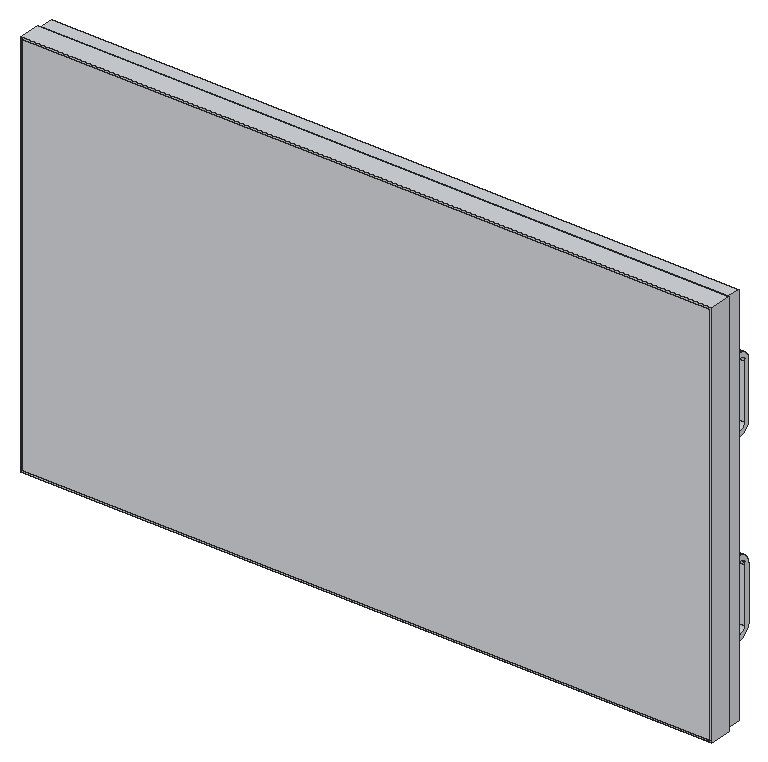
Revit family "UN552V", category Generic Models, Revit 2014
Parameters
  URL = "www.necdisplay.com"
  POWER CONSUMPTION- Speaker Rating = "Integrated 10W x 10W, Optional 15W x 2"
  POWER CONSUMPTION- Power Consumption (Typical/Max Brightness/ Absolute Max) = "110W/165W/315W"
  POWER CONSUMPTION- Standby = "0.5W"
  POWER CONSUMPTION- Network Standby = "2W"
  POWER CONSUMPTION- Current Rating = "3.6A @ 100V, 1.4A @ 240V"
  PHYSICAL SPECS- Vesa Hole Configuration = "400 x 400 (4-hole, M6)"
  PHYSICAL SPECS- Net Weight (w/o Stand) = "61.9 lbs. / 28.1 kg"
  PHYSICAL SPECS- Net Dimensions (w/o Stand, WxHxD) = "47.8 x 26.9 x 4.1 in. / 1213.4 x 684.2 x 103.8mm"
  PHYSICAL SPECS- Bezel Width (L/R, T/B) = "2.3mm/1.2mm, 1.2mm/2.3mm"
  Model = "UN552V"  # constant formula
  Manufacturer = "NEC Display Solutions"  # constant formula
  LCD MODULE- Contrast Ratio (Typical) = "1100:1 (without local dimming)"
  LCD MODULE- Viewing Angle = "178 / 178"
  LCD MODULE- Viewable Image Size = "55\""
  LCD MODULE- Panel Technology = "S-IPS"
  LCD MODULE- Orientation = "Landscape / Portrait"
  LCD MODULE- Panel Haze (%) = "28"
  LCD MODULE- Native Resolution = "1920 x 1080"
  LCD MODULE- Displayable Colors = "Over 1.07 Billion"
  LCD MODULE- Brightness (Typical/Minimum) = "350 cd/sqm / 500 cd/sqm"
  LCD MODULE- Aspect Ratio = "16 : 9"
  ENVIRONMENTAL CONDITIONS- Operating Temperature = "0 - 50°C / 32 - 122°F"
  ENVIRONMENTAL CONDITIONS- Operating Humidity = "0 - 90%"
  ENVIRONMENTAL CONDITIONS- Operating Altitude = "9843 ft. / 3000m"
  Description = "NEC LCD Video Wall Display"  # constant formula
  CONNECTIVITY- Output Terminals- External Control = "LAN (100Mb)"
  CONNECTIVITY- Output Terminals- Digital = "DisplayPort (Outputs DisplayPort1 and OPTION (DP)), HDMI (Outputs HDMI1, DVI and OPTION (TMDS))"
  CONNECTIVITY- Output Terminals- Audio = "3.5mm Mini-Jack, External Speaker Jack x2"
  CONNECTIVITY- Input Terminals- External Control = "RS232C, LAN (100Mb), 3.5 Mini Jack (IR Remote)"
  CONNECTIVITY- Input Terminals- Digital = "HDMI x2 (1.4/2.0), DisplayPort x2 (1.1/1.2), DVI-D"
  CONNECTIVITY- Input Terminals- Data = "microSD (Media Player), USB 2.0 (Media Player), USB 2.0 (Service), USB Type-B (Upstream), USB 2.0 x2 (Compute Module, USB CM1 is Powered 5V/2A)"
  CONNECTIVITY- Input Terminals- Audio = "Audio Mini Jack x2, DisplayPort Audio, HDMI Audio"
  CONNECTIVITY- Input Terminals- Analog = "VGA 15-pin D-sub, RCA Composite"
Reference planes
  plane 1 "Center (Front/Back)": y = 0
  plane 2: z = 0
  plane 3 "Center (Left/Right)": x = 0
Forms (mm)
  Extrusion 1, solid
    sketch origin (0, 0, 0) x (1, 0, 0) y (0, 0, 1)
      loop
        line (-606.7, 684.2) -> (-606.7, 0) -> (606.7, 0) -> (606.7, 684.2) -> (-606.7, 684.2)
    from 44.35 to 82.8
  Extrusion 2, void
    sketch origin (0, 0, 0) x (1, 0, 0) y (0, 0, 1)
      loop
        line (-603.854, 2.15) -> (603.854, 2.15) -> (603.854, 681.025) -> (-603.854, 681.025) -> (-603.854, 2.15)
    from 82.211 to 113.336
  Blend 3, solid
    base sketch origin (4.79, 1.84, 738.456) x (0, 0, 1) y (1, 0, 0)
      loop
        arc (-86.019, 370.534) -> (-99.662, 403.471) -> (-132.599, 417.114) r 46.58
        line (-132.599, 417.114) -> (-646.931, 417.114)
        arc (-646.931, 417.114) -> (-664.892, 409.675) -> (-672.331, 391.714) r 25.4
        line (-672.331, 391.714) -> (-672.331, -385.683) -> (-665.469, -389.645)
        arc (-665.469, -389.645) -> (-663.355, -391.759) -> (-662.581, -394.647) r 5.776
        line (-662.581, -394.647) -> (-662.581, -437.345)
        arc (-662.581, -437.345) -> (-658.122, -457.458) -> (-645.581, -473.803) r 47.592
        line (-645.581, -473.803) -> (-621.213, -494.25)
        arc (-621.213, -494.25) -> (-608.369, -501.983) -> (-593.771, -505.394) r 48.185
        line (-593.771, -505.394) -> (-198.004, -505.394)
        arc (-198.004, -505.394) -> (-178.489, -501.953) -> (-161.328, -492.045) r 57.057
        line (-161.328, -492.045) -> (-104.475, -444.339)
        arc (-104.475, -444.339) -> (-90.86, -426.596) -> (-86.019, -404.761) r 51.666
        line (-86.019, -404.761) -> (-86.019, 370.534)
    top sketch origin (4.79, 1.84, 738.456) x (0, 0, 1) y (1, 0, 0)
      loop
        arc (-601.729, 382.3) -> (-610.709, 378.58) -> (-614.429, 369.6) r 12.7
        line (-614.429, 369.6) -> (-614.429, -407.787)
        arc (-614.429, -407.787) -> (-613.291, -411.497) -> (-610.269, -413.931) r 6.618
        line (-610.269, -413.931) -> (-587.937, -422.866)
        arc (-587.937, -422.866) -> (-579.575, -425.319) -> (-570.9, -426.147) r 45.867
        line (-570.9, -426.147) -> (-241.902, -426.147)
        arc (-241.902, -426.147) -> (-228.955, -423.994) -> (-217.403, -417.767) r 40
        line (-217.403, -417.767) -> (-177.037, -386.491)
        arc (-177.037, -386.491) -> (-165.96, -372.897) -> (-161.998, -355.815) r 38.806
        line (-161.998, -355.815) -> (-161.998, 375.421)
        arc (-161.998, 375.421) -> (-164.013, 380.285) -> (-168.878, 382.3) r 6.879
        line (-168.878, 382.3) -> (-601.729, 382.3)
    from -20.342 to 19.2
  Blend 4, solid
    base sketch origin (0, -30.85, 616.982) x (0, 0, 1) y (1, 0, 0)
      loop
        line (-506.303, 247.422) -> (-506.303, 481.178)
        arc (-506.303, 481.178) -> (-510.023, 490.159) -> (-519.003, 493.878) r 12.7
        line (-519.003, 493.878) -> (-566.56, 493.878)
        arc (-566.56, 493.878) -> (-575.54, 490.159) -> (-579.26, 481.178) r 12.7
        line (-579.26, 481.178) -> (-579.26, 247.422)
        arc (-579.26, 247.422) -> (-575.54, 238.441) -> (-566.56, 234.722) r 12.7
        line (-566.56, 234.722) -> (-519.003, 234.722)
        arc (-519.003, 234.722) -> (-510.023, 238.441) -> (-506.303, 247.422) r 12.7
    top sketch origin (0, -30.85, 616.982) x (0, 0, 1) y (1, 0, 0)
      loop
        arc (-515.696, 480.9) -> (-516.749, 483.439) -> (-519.291, 484.486) r 3.586
        line (-519.291, 484.486) -> (-566.291, 484.486)
        arc (-566.291, 484.486) -> (-568.82, 483.432) -> (-569.868, 480.9) r 3.586
        line (-569.868, 480.9) -> (-569.868, 247.7)
        arc (-569.868, 247.7) -> (-568.82, 245.167) -> (-566.289, 244.114) r 3.586
        line (-566.289, 244.114) -> (-519.289, 244.114)
        arc (-519.289, 244.114) -> (-516.749, 245.162) -> (-515.696, 247.7) r 3.586
        line (-515.696, 247.7) -> (-515.696, 480.9)
    from -21.65 to -17.538
  Extrusion 5, void
    sketch origin (0, -48.388, 616.982) x (0, 0, -1) y (1, 0, 0)
      loop
        line (581.882, 68.55) -> (567.482, 68.55)
        arc (567.482, 68.55) -> (564.653, 67.378) -> (563.482, 64.55) r 4
        line (563.482, 64.55) -> (563.482, -21.45)
        arc (563.482, -21.45) -> (564.653, -24.278) -> (567.482, -25.45) r 4
        line (567.482, -25.45) -> (581.882, -25.45)
        arc (581.882, -25.45) -> (584.71, -24.278) -> (585.882, -21.45) r 4
        line (585.882, -21.45) -> (585.882, 64.55)
        arc (585.882, 64.55) -> (584.71, 67.378) -> (581.882, 68.55) r 4
    from 8.405 to -9.36
  Extrusion 6, void
    sketch origin (4.79, 21.04, 738.456) x (0, 0, -1) y (1, 0, 0)
      loop
        line (324.906, 109.514) -> (268.907, 109.514) -> (268.907, 92.256)
        arc (268.907, 92.256) -> (270.277, 85.88) -> (274.145, 80.629) r 15.525
        line (274.145, 80.629) -> (310.489, 48.476) -> (268.907, 48.474) -> (268.907, 37.835) -> (324.906, 37.837) -> (324.906, 55.836)
        arc (324.906, 55.836) -> (323.427, 62.721) -> (319.251, 68.391) r 16.764
        line (319.251, 68.391) -> (284.797, 98.876) -> (324.906, 98.876) -> (324.906, 109.514)
      loop
        line (268.902, 28.54) -> (268.908, -37.653) -> (276.862, -37.653) -> (276.862, 5.244) -> (291.196, 5.244) -> (291.196, -33.734) -> (299.062, -33.734) -> (299.062, 5.244) -> (310.269, 5.244)
        arc (310.269, 5.244) -> (314.759, 3.384) -> (316.619, -1.106) r 6.35
        line (316.619, -1.106) -> (316.619, -38.213) -> (324.905, -38.213)
        arc (324.905, -38.213) -> (325.377, -16.539) -> (324.905, 5.134) r 498.189
        arc (324.905, 5.134) -> (324.337, 12.014) -> (323.235, 18.829) r 88.693
        arc (323.235, 18.829) -> (319.034, 25.803) -> (311.366, 28.54) r 12.108
        line (311.366, 28.54) -> (268.902, 28.54)
      loop
        line (268.271, -113.479) -> (276.372, -113.479)
        arc (276.372, -113.479) -> (274.174, -95.699) -> (276.372, -77.919) r 73.028
        arc (276.372, -77.919) -> (278.849, -73.068) -> (283.196, -69.786) r 12.149
        arc (283.196, -69.786) -> (297.392, -67.247) -> (311.127, -71.644) r 29.914
        arc (311.127, -71.644) -> (314.368, -74.801) -> (316.226, -78.926) r 12.13
        arc (316.226, -78.926) -> (318.331, -96.706) -> (316.226, -114.486) r 76.142
        line (316.226, -114.486) -> (325.261, -114.486)
        arc (325.261, -114.486) -> (327.107, -92.261) -> (325.261, -70.036) r 134.752
        arc (325.261, -70.036) -> (323.47, -62.762) -> (320.601, -55.841) r 49.502
        arc (320.601, -55.841) -> (298.943, -41.303) -> (275.241, -52.197) r 26.67
        arc (275.241, -52.197) -> (270.757, -60.2) -> (268.271, -69.029) r 38.898
        arc (268.271, -69.029) -> (266.531, -91.254) -> (268.271, -113.479) r 142.843
      loop
        line (477.484, 43.682) -> (477.484, -86.161)
        arc (477.484, -86.161) -> (480.999, -94.647) -> (489.484, -98.161) r 12
        line (489.484, -98.161) -> (544.327, -98.161)
        arc (544.327, -98.161) -> (552.813, -94.647) -> (556.327, -86.161) r 12
        line (556.327, -86.161) -> (556.327, 43.682)
        arc (556.327, 43.682) -> (552.813, 52.167) -> (544.327, 55.682) r 12
        line (544.327, 55.682) -> (489.484, 55.682)
        arc (489.484, 55.682) -> (480.999, 52.167) -> (477.484, 43.682) r 12
      loop
        arc (306.292, 181.946) -> (309.806, 173.461) -> (318.292, 169.946) r 12
        line (318.292, 169.946) -> (451.42, 169.946)
        arc (451.42, 169.946) -> (459.905, 173.461) -> (463.42, 181.946) r 12
        line (463.42, 181.946) -> (463.42, 318.574)
        arc (463.42, 318.574) -> (459.905, 327.06) -> (451.42, 330.574) r 12
        line (451.42, 330.574) -> (318.292, 330.574)
        arc (318.292, 330.574) -> (309.806, 327.06) -> (306.292, 318.574) r 12
        line (306.292, 318.574) -> (306.292, 181.946)
      loop
        arc (308.23, 181.884) -> (311.159, 174.813) -> (318.23, 171.884) r 10
        line (318.23, 171.884) -> (451.482, 171.884)
        arc (451.482, 171.884) -> (458.553, 174.813) -> (461.482, 181.884) r 10
        line (461.482, 181.884) -> (461.482, 318.636)
        arc (461.482, 318.636) -> (458.553, 325.707) -> (451.482, 328.636) r 10
        line (451.482, 328.636) -> (318.23, 328.636)
        arc (318.23, 328.636) -> (311.159, 325.707) -> (308.23, 318.636) r 10
        line (308.23, 318.636) -> (308.23, 181.884)
      loop
        arc (479.674, -85.972) -> (482.603, -93.043) -> (489.674, -95.972) r 10
        line (489.674, -95.972) -> (544.138, -95.972)
        arc (544.138, -95.972) -> (551.209, -93.043) -> (554.138, -85.972) r 10
        line (554.138, -85.972) -> (554.138, 43.492)
        arc (554.138, 43.492) -> (551.209, 50.563) -> (544.138, 53.492) r 10
        line (544.138, 53.492) -> (489.674, 53.492)
        arc (489.674, 53.492) -> (482.603, 50.563) -> (479.674, 43.492) r 10
        line (479.674, 43.492) -> (479.674, -85.972)
    from 0.816 to -6.572
  Extrusion 7, solid
    sketch origin (-481.512, 3.148, 9.146) x (0, 0, 1) y (1, 0, 0)
      loop
        spline (577.383, 1064.639) -> (577.254, 1065.064) -> (577.079, 1065.472) -> (576.86, 1065.858) -> (576.6, 1066.217) -> (576.301, 1066.546) -> (575.968, 1066.839) -> (575.605, 1067.093) -> (575.215, 1067.306) -> (574.804, 1067.474) -> (574.377, 1067.596) -> (573.94, 1067.67) -> (573.496, 1067.694)
        line (573.496, 1067.694) -> (411.495, 1067.694)
        spline (411.495, 1067.694) -> (410.973, 1067.66) -> (410.46, 1067.558) -> (409.964, 1067.39) -> (409.495, 1067.158) -> (409.06, 1066.868) -> (408.667, 1066.523) -> (408.322, 1066.129) -> (408.031, 1065.694) -> (407.8, 1065.225) -> (407.632, 1064.729) -> (407.53, 1064.216) -> (407.496, 1063.694)
        line (407.496, 1063.694) -> (407.609, 1048.749)
        spline (407.609, 1048.749) -> (407.722, 1048.368) -> (407.872, 1048) -> (408.058, 1047.649) -> (408.278, 1047.318) -> (408.529, 1047.01) -> (408.811, 1046.729) -> (409.118, 1046.477) -> (409.449, 1046.257) -> (409.8, 1046.071) -> (410.169, 1045.921) -> (410.55, 1045.807) -> (410.94, 1045.733)
        line (410.94, 1045.733) -> (572.941, 1045.733)
        spline (572.941, 1045.733) -> (573.51, 1045.694) -> (574.078, 1045.737) -> (574.634, 1045.859) -> (575.167, 1046.06) -> (575.666, 1046.334) -> (576.121, 1046.676) -> (576.523, 1047.08) -> (576.864, 1047.536) -> (577.136, 1048.036) -> (577.335, 1048.57) -> (577.455, 1049.127) -> (577.496, 1049.695)
        line (577.496, 1049.695) -> (577.383, 1064.639)
    from -21.65 to 25.186
  Extrusion 8, void
    sketch origin (586.183, 3.148, 564.772) x (0, 0, -1) y (0, -1, 0)
      loop
        line (110.721, -20.262) -> (15.247, -20.262)
        arc (15.247, -20.262) -> (4.627, -16.759) -> (-1.826, -7.626) r 17.851
        line (-1.826, -7.626) -> (-9.856, 18.638) -> (-21.573, 18.638) -> (-25.197, 18.638) -> (-25.197, -28.535) -> (148.943, -28.535) -> (148.943, 18.638) -> (136.711, 18.638) -> (128.938, -6.782)
        arc (128.938, -6.782) -> (122.052, -16.526) -> (110.721, -20.262) r 19.05
      loop
        line (15.282, -12.262) -> (111.562, -12.262)
        arc (111.562, -12.262) -> (118.431, -9.504) -> (121.485, -2.763) r 9.932
        line (121.485, -2.763) -> (122.551, 21.65) -> (4.303, 21.65) -> (5.369, -2.77)
        arc (5.369, -2.77) -> (8.42, -9.506) -> (15.282, -12.262) r 9.922
    from 0 to 24.226
  Extrusion 9, solid
    sketch origin (-481.512, 3.148, 673.954) x (0, 0, -1) y (-1, 0, 0)
      loop
        line (577.383, -1064.639) -> (577.496, -1049.695)
        spline (577.496, -1049.695) -> (577.455, -1049.127) -> (577.335, -1048.57) -> (577.136, -1048.036) -> (576.864, -1047.536) -> (576.523, -1047.08) -> (576.121, -1046.676) -> (575.666, -1046.334) -> (575.167, -1046.06) -> (574.634, -1045.859) -> (574.078, -1045.737) -> (573.51, -1045.694) -> (572.941, -1045.733)
        line (572.941, -1045.733) -> (410.94, -1045.733)
        spline (410.94, -1045.733) -> (410.55, -1045.807) -> (410.169, -1045.921) -> (409.8, -1046.071) -> (409.449, -1046.257) -> (409.118, -1046.477) -> (408.811, -1046.729) -> (408.529, -1047.01) -> (408.278, -1047.318) -> (408.058, -1047.649) -> (407.872, -1048) -> (407.722, -1048.368) -> (407.609, -1048.749)
        line (407.609, -1048.749) -> (407.496, -1063.694)
        spline (407.496, -1063.694) -> (407.53, -1064.216) -> (407.632, -1064.729) -> (407.8, -1065.225) -> (408.031, -1065.694) -> (408.322, -1066.129) -> (408.667, -1066.523) -> (409.06, -1066.868) -> (409.495, -1067.158) -> (409.964, -1067.39) -> (410.46, -1067.558) -> (410.973, -1067.66) -> (411.495, -1067.694)
        line (411.495, -1067.694) -> (573.496, -1067.694)
        spline (573.496, -1067.694) -> (573.94, -1067.67) -> (574.377, -1067.596) -> (574.804, -1067.474) -> (575.215, -1067.306) -> (575.605, -1067.093) -> (575.968, -1066.839) -> (576.301, -1066.546) -> (576.6, -1066.217) -> (576.86, -1065.858) -> (577.079, -1065.472) -> (577.254, -1065.064) -> (577.383, -1064.639)
    from -21.65 to 25.186
  Extrusion 10, void
    sketch origin (586.183, 3.148, 118.328) x (0, 0, 1) y (0, 1, 0)
      loop
        arc (110.721, 20.262) -> (122.052, 16.526) -> (128.938, 6.782) r 19.05
        line (128.938, 6.782) -> (136.711, -18.638) -> (148.943, -18.638) -> (148.943, 28.535) -> (-25.197, 28.535) -> (-25.197, -18.638) -> (-21.573, -18.638) -> (-9.856, -18.638) -> (-1.826, 7.626)
        arc (-1.826, 7.626) -> (4.627, 16.759) -> (15.247, 20.262) r 17.851
        line (15.247, 20.262) -> (110.721, 20.262)
      loop
        arc (15.282, 12.262) -> (8.42, 9.506) -> (5.369, 2.77) r 9.922
        line (5.369, 2.77) -> (4.303, -21.65) -> (122.551, -21.65) -> (121.485, 2.763)
        arc (121.485, 2.763) -> (118.431, 9.504) -> (111.562, 12.262) r 9.932
        line (111.562, 12.262) -> (15.282, 12.262)
    from 0 to 24.226
  Extrusion 11, solid
    sketch origin (-481.512, 3.148, 673.954) x (0, 0, -1) y (-1, 0, 0)
      loop
        line (577.383, -1064.639) -> (577.496, -1049.695)
        spline (577.496, -1049.695) -> (577.455, -1049.127) -> (577.335, -1048.57) -> (577.136, -1048.036) -> (576.864, -1047.536) -> (576.523, -1047.08) -> (576.121, -1046.676) -> (575.666, -1046.334) -> (575.167, -1046.06) -> (574.634, -1045.859) -> (574.078, -1045.737) -> (573.51, -1045.694) -> (572.941, -1045.733)
        line (572.941, -1045.733) -> (410.94, -1045.733)
        spline (410.94, -1045.733) -> (410.55, -1045.807) -> (410.169, -1045.921) -> (409.8, -1046.071) -> (409.449, -1046.257) -> (409.118, -1046.477) -> (408.811, -1046.729) -> (408.529, -1047.01) -> (408.278, -1047.318) -> (408.058, -1047.649) -> (407.872, -1048) -> (407.722, -1048.368) -> (407.609, -1048.749)
        line (407.609, -1048.749) -> (407.496, -1063.694)
        spline (407.496, -1063.694) -> (407.53, -1064.216) -> (407.632, -1064.729) -> (407.8, -1065.225) -> (408.031, -1065.694) -> (408.322, -1066.129) -> (408.667, -1066.523) -> (409.06, -1066.868) -> (409.495, -1067.158) -> (409.964, -1067.39) -> (410.46, -1067.558) -> (410.973, -1067.66) -> (411.495, -1067.694)
        line (411.495, -1067.694) -> (573.496, -1067.694)
        spline (573.496, -1067.694) -> (573.94, -1067.67) -> (574.377, -1067.596) -> (574.804, -1067.474) -> (575.215, -1067.306) -> (575.605, -1067.093) -> (575.968, -1066.839) -> (576.301, -1066.546) -> (576.6, -1066.217) -> (576.86, -1065.858) -> (577.079, -1065.472) -> (577.254, -1065.064) -> (577.383, -1064.639)
    from -21.65 to 25.186
  Extrusion 12, void
    sketch origin (586.183, 3.148, 118.328) x (0, 0, 1) y (0, 1, 0)
      loop
        arc (110.721, 20.262) -> (122.052, 16.526) -> (128.938, 6.782) r 19.05
        line (128.938, 6.782) -> (136.711, -18.638) -> (148.943, -18.638) -> (148.943, 28.535) -> (-25.197, 28.535) -> (-25.197, -18.638) -> (-21.573, -18.638) -> (-9.856, -18.638) -> (-1.826, 7.626)
        arc (-1.826, 7.626) -> (4.627, 16.759) -> (15.247, 20.262) r 17.851
        line (15.247, 20.262) -> (110.721, 20.262)
      loop
        arc (15.282, 12.262) -> (8.42, 9.506) -> (5.369, 2.77) r 9.922
        line (5.369, 2.77) -> (4.303, -21.65) -> (122.551, -21.65) -> (121.485, 2.763)
        arc (121.485, 2.763) -> (118.431, 9.504) -> (111.562, 12.262) r 9.932
        line (111.562, 12.262) -> (15.282, 12.262)
    from 0 to 24.226
  Extrusion 13, solid
    sketch origin (-481.512, 3.148, 9.146) x (0, 0, 1) y (1, 0, 0)
      loop
        spline (577.383, 1064.639) -> (577.254, 1065.064) -> (577.079, 1065.472) -> (576.86, 1065.858) -> (576.6, 1066.217) -> (576.301, 1066.546) -> (575.968, 1066.839) -> (575.605, 1067.093) -> (575.215, 1067.306) -> (574.804, 1067.474) -> (574.377, 1067.596) -> (573.94, 1067.67) -> (573.496, 1067.694)
        line (573.496, 1067.694) -> (411.495, 1067.694)
        spline (411.495, 1067.694) -> (410.973, 1067.66) -> (410.46, 1067.558) -> (409.964, 1067.39) -> (409.495, 1067.158) -> (409.06, 1066.868) -> (408.667, 1066.523) -> (408.322, 1066.129) -> (408.031, 1065.694) -> (407.8, 1065.225) -> (407.632, 1064.729) -> (407.53, 1064.216) -> (407.496, 1063.694)
        line (407.496, 1063.694) -> (407.609, 1048.749)
        spline (407.609, 1048.749) -> (407.722, 1048.368) -> (407.872, 1048) -> (408.058, 1047.649) -> (408.278, 1047.318) -> (408.529, 1047.01) -> (408.811, 1046.729) -> (409.118, 1046.477) -> (409.449, 1046.257) -> (409.8, 1046.071) -> (410.169, 1045.921) -> (410.55, 1045.807) -> (410.94, 1045.733)
        line (410.94, 1045.733) -> (572.941, 1045.733)
        spline (572.941, 1045.733) -> (573.51, 1045.694) -> (574.078, 1045.737) -> (574.634, 1045.859) -> (575.167, 1046.06) -> (575.666, 1046.334) -> (576.121, 1046.676) -> (576.523, 1047.08) -> (576.864, 1047.536) -> (577.136, 1048.036) -> (577.335, 1048.57) -> (577.455, 1049.127) -> (577.496, 1049.695)
        line (577.496, 1049.695) -> (577.383, 1064.639)
    from -21.65 to 25.186
  Extrusion 14, void
    sketch origin (586.183, 3.148, 564.772) x (0, 0, -1) y (0, -1, 0)
      loop
        line (110.721, -20.262) -> (15.247, -20.262)
        arc (15.247, -20.262) -> (4.627, -16.759) -> (-1.826, -7.626) r 17.851
        line (-1.826, -7.626) -> (-9.856, 18.638) -> (-21.573, 18.638) -> (-25.197, 18.638) -> (-25.197, -28.535) -> (148.943, -28.535) -> (148.943, 18.638) -> (136.711, 18.638) -> (128.938, -6.782)
        arc (128.938, -6.782) -> (122.052, -16.526) -> (110.721, -20.262) r 19.05
      loop
        line (15.282, -12.262) -> (111.562, -12.262)
        arc (111.562, -12.262) -> (118.431, -9.504) -> (121.485, -2.763) r 9.932
        line (121.485, -2.763) -> (122.551, 21.65) -> (4.303, 21.65) -> (5.369, -2.77)
        arc (5.369, -2.77) -> (8.42, -9.506) -> (15.282, -12.262) r 9.922
    from 0 to 24.226
  Extrusion 15, solid
    sketch origin (481.512, 3.148, 9.146) x (0, 0, 1) y (1, 0, 0)
      loop
        line (577.383, -1064.639) -> (577.496, -1049.695)
        spline (577.496, -1049.695) -> (577.455, -1049.127) -> (577.335, -1048.57) -> (577.136, -1048.036) -> (576.864, -1047.536) -> (576.523, -1047.08) -> (576.121, -1046.676) -> (575.666, -1046.334) -> (575.167, -1046.06) -> (574.634, -1045.859) -> (574.078, -1045.737) -> (573.51, -1045.694) -> (572.941, -1045.733)
        line (572.941, -1045.733) -> (410.94, -1045.733)
        spline (410.94, -1045.733) -> (410.55, -1045.807) -> (410.169, -1045.921) -> (409.8, -1046.071) -> (409.449, -1046.257) -> (409.118, -1046.477) -> (408.811, -1046.729) -> (408.529, -1047.01) -> (408.278, -1047.318) -> (408.058, -1047.649) -> (407.872, -1048) -> (407.722, -1048.368) -> (407.609, -1048.749)
        line (407.609, -1048.749) -> (407.496, -1063.694)
        spline (407.496, -1063.694) -> (407.53, -1064.216) -> (407.632, -1064.729) -> (407.8, -1065.225) -> (408.031, -1065.694) -> (408.322, -1066.129) -> (408.667, -1066.523) -> (409.06, -1066.868) -> (409.495, -1067.158) -> (409.964, -1067.39) -> (410.46, -1067.558) -> (410.973, -1067.66) -> (411.495, -1067.694)
        line (411.495, -1067.694) -> (573.496, -1067.694)
        spline (573.496, -1067.694) -> (573.94, -1067.67) -> (574.377, -1067.596) -> (574.804, -1067.474) -> (575.215, -1067.306) -> (575.605, -1067.093) -> (575.968, -1066.839) -> (576.301, -1066.546) -> (576.6, -1066.217) -> (576.86, -1065.858) -> (577.079, -1065.472) -> (577.254, -1065.064) -> (577.383, -1064.639)
    from -21.65 to 25.186
  Extrusion 16, void
    sketch origin (-586.183, 3.148, 564.772) x (0, 0, -1) y (0, 1, 0)
      loop
        arc (110.721, 20.262) -> (122.052, 16.526) -> (128.938, 6.782) r 19.05
        line (128.938, 6.782) -> (136.711, -18.638) -> (148.943, -18.638) -> (148.943, 28.535) -> (-25.197, 28.535) -> (-25.197, -18.638) -> (-21.573, -18.638) -> (-9.856, -18.638) -> (-1.826, 7.626)
        arc (-1.826, 7.626) -> (4.627, 16.759) -> (15.247, 20.262) r 17.851
        line (15.247, 20.262) -> (110.721, 20.262)
      loop
        arc (15.282, 12.262) -> (8.42, 9.506) -> (5.369, 2.77) r 9.922
        line (5.369, 2.77) -> (4.303, -21.65) -> (122.551, -21.65) -> (121.485, 2.763)
        arc (121.485, 2.763) -> (118.431, 9.504) -> (111.562, 12.262) r 9.932
        line (111.562, 12.262) -> (15.282, 12.262)
    from 0 to 24.226
  Extrusion 17, solid
    sketch origin (481.512, 3.148, 673.954) x (0, 0, -1) y (-1, 0, 0)
      loop
        spline (577.383, 1064.639) -> (577.254, 1065.064) -> (577.079, 1065.472) -> (576.86, 1065.858) -> (576.6, 1066.217) -> (576.301, 1066.546) -> (575.968, 1066.839) -> (575.605, 1067.093) -> (575.215, 1067.306) -> (574.804, 1067.474) -> (574.377, 1067.596) -> (573.94, 1067.67) -> (573.496, 1067.694)
        line (573.496, 1067.694) -> (411.495, 1067.694)
        spline (411.495, 1067.694) -> (410.973, 1067.66) -> (410.46, 1067.558) -> (409.964, 1067.39) -> (409.495, 1067.158) -> (409.06, 1066.868) -> (408.667, 1066.523) -> (408.322, 1066.129) -> (408.031, 1065.694) -> (407.8, 1065.225) -> (407.632, 1064.729) -> (407.53, 1064.216) -> (407.496, 1063.694)
        line (407.496, 1063.694) -> (407.609, 1048.749)
        spline (407.609, 1048.749) -> (407.722, 1048.368) -> (407.872, 1048) -> (408.058, 1047.649) -> (408.278, 1047.318) -> (408.529, 1047.01) -> (408.811, 1046.729) -> (409.118, 1046.477) -> (409.449, 1046.257) -> (409.8, 1046.071) -> (410.169, 1045.921) -> (410.55, 1045.807) -> (410.94, 1045.733)
        line (410.94, 1045.733) -> (572.941, 1045.733)
        spline (572.941, 1045.733) -> (573.51, 1045.694) -> (574.078, 1045.737) -> (574.634, 1045.859) -> (575.167, 1046.06) -> (575.666, 1046.334) -> (576.121, 1046.676) -> (576.523, 1047.08) -> (576.864, 1047.536) -> (577.136, 1048.036) -> (577.335, 1048.57) -> (577.455, 1049.127) -> (577.496, 1049.695)
        line (577.496, 1049.695) -> (577.383, 1064.639)
    from -21.65 to 25.186
  Extrusion 18, void
    sketch origin (-586.183, 3.148, 118.328) x (0, 0, 1) y (0, -1, 0)
      loop
        line (110.721, -20.262) -> (15.247, -20.262)
        arc (15.247, -20.262) -> (4.627, -16.759) -> (-1.826, -7.626) r 17.851
        line (-1.826, -7.626) -> (-9.856, 18.638) -> (-21.573, 18.638) -> (-25.197, 18.638) -> (-25.197, -28.535) -> (148.943, -28.535) -> (148.943, 18.638) -> (136.711, 18.638) -> (128.938, -6.782)
        arc (128.938, -6.782) -> (122.052, -16.526) -> (110.721, -20.262) r 19.05
      loop
        line (15.282, -12.262) -> (111.562, -12.262)
        arc (111.562, -12.262) -> (118.431, -9.504) -> (121.485, -2.763) r 9.932
        line (121.485, -2.763) -> (122.551, 21.65) -> (4.303, 21.65) -> (5.369, -2.77)
        arc (5.369, -2.77) -> (8.42, -9.506) -> (15.282, -12.262) r 9.922
    from 0 to 24.226
  Extrusion 19, solid
    sketch origin (481.512, 3.148, 673.954) x (0, 0, -1) y (-1, 0, 0)
      loop
        spline (577.383, 1064.639) -> (577.254, 1065.064) -> (577.079, 1065.472) -> (576.86, 1065.858) -> (576.6, 1066.217) -> (576.301, 1066.546) -> (575.968, 1066.839) -> (575.605, 1067.093) -> (575.215, 1067.306) -> (574.804, 1067.474) -> (574.377, 1067.596) -> (573.94, 1067.67) -> (573.496, 1067.694)
        line (573.496, 1067.694) -> (411.495, 1067.694)
        spline (411.495, 1067.694) -> (410.973, 1067.66) -> (410.46, 1067.558) -> (409.964, 1067.39) -> (409.495, 1067.158) -> (409.06, 1066.868) -> (408.667, 1066.523) -> (408.322, 1066.129) -> (408.031, 1065.694) -> (407.8, 1065.225) -> (407.632, 1064.729) -> (407.53, 1064.216) -> (407.496, 1063.694)
        line (407.496, 1063.694) -> (407.609, 1048.749)
        spline (407.609, 1048.749) -> (407.722, 1048.368) -> (407.872, 1048) -> (408.058, 1047.649) -> (408.278, 1047.318) -> (408.529, 1047.01) -> (408.811, 1046.729) -> (409.118, 1046.477) -> (409.449, 1046.257) -> (409.8, 1046.071) -> (410.169, 1045.921) -> (410.55, 1045.807) -> (410.94, 1045.733)
        line (410.94, 1045.733) -> (572.941, 1045.733)
        spline (572.941, 1045.733) -> (573.51, 1045.694) -> (574.078, 1045.737) -> (574.634, 1045.859) -> (575.167, 1046.06) -> (575.666, 1046.334) -> (576.121, 1046.676) -> (576.523, 1047.08) -> (576.864, 1047.536) -> (577.136, 1048.036) -> (577.335, 1048.57) -> (577.455, 1049.127) -> (577.496, 1049.695)
        line (577.496, 1049.695) -> (577.383, 1064.639)
    from -21.65 to 25.186
  Extrusion 20, solid
    sketch origin (481.512, 3.148, 9.146) x (0, 0, 1) y (1, 0, 0)
      loop
        line (577.383, -1064.639) -> (577.496, -1049.695)
        spline (577.496, -1049.695) -> (577.455, -1049.127) -> (577.335, -1048.57) -> (577.136, -1048.036) -> (576.864, -1047.536) -> (576.523, -1047.08) -> (576.121, -1046.676) -> (575.666, -1046.334) -> (575.167, -1046.06) -> (574.634, -1045.859) -> (574.078, -1045.737) -> (573.51, -1045.694) -> (572.941, -1045.733)
        line (572.941, -1045.733) -> (410.94, -1045.733)
        spline (410.94, -1045.733) -> (410.55, -1045.807) -> (410.169, -1045.921) -> (409.8, -1046.071) -> (409.449, -1046.257) -> (409.118, -1046.477) -> (408.811, -1046.729) -> (408.529, -1047.01) -> (408.278, -1047.318) -> (408.058, -1047.649) -> (407.872, -1048) -> (407.722, -1048.368) -> (407.609, -1048.749)
        line (407.609, -1048.749) -> (407.496, -1063.694)
        spline (407.496, -1063.694) -> (407.53, -1064.216) -> (407.632, -1064.729) -> (407.8, -1065.225) -> (408.031, -1065.694) -> (408.322, -1066.129) -> (408.667, -1066.523) -> (409.06, -1066.868) -> (409.495, -1067.158) -> (409.964, -1067.39) -> (410.46, -1067.558) -> (410.973, -1067.66) -> (411.495, -1067.694)
        line (411.495, -1067.694) -> (573.496, -1067.694)
        spline (573.496, -1067.694) -> (573.94, -1067.67) -> (574.377, -1067.596) -> (574.804, -1067.474) -> (575.215, -1067.306) -> (575.605, -1067.093) -> (575.968, -1066.839) -> (576.301, -1066.546) -> (576.6, -1066.217) -> (576.86, -1065.858) -> (577.079, -1065.472) -> (577.254, -1065.064) -> (577.383, -1064.639)
    from -21.65 to 25.186
  Extrusion 21, void
    sketch origin (0, -30.85, 616.982) x (0, 0, 1) y (1, 0, 0)
      loop
        line (-176.982, 387.09) -> (-176.982, 458.478) -> (-464.082, 458.478) -> (-464.082, 387.09) -> (-176.982, 387.09)
      loop
        line (-472.332, 85.55) -> (-552.132, 85.55) -> (-552.132, -118.45) -> (-472.332, -118.45) -> (-472.332, 85.55)
      loop
        line (-487.582, 373.6) -> (-544.485, 373.6) -> (-544.485, 134.4) -> (-487.582, 134.4) -> (-487.582, 373.6)
      loop
        line (-461.082, -213.3) -> (-546.642, -213.3) -> (-546.642, -367.3) -> (-461.052, -367.3) -> (-461.082, -213.3)
    from -21.65 to 65.85
  Extrusion 22, solid
    sketch origin (0, 0, 0) x (0, 1, 0) y (0, 0, 1)
      loop
        line (-18.76, 683.3) -> (-43.21, 683.3) -> (-43.21, 4.9) -> (-18.76, 4.9) -> (-18.76, 683.3)
    from -602.1 to 603.854
  Blend 23, solid
    base sketch origin (0, -30.85, 616.982) x (0, 0, 1) y (1, 0, 0)
      loop
        line (52.702, 551.116) -> (52.702, 587.184)
        arc (52.702, 587.184) -> (51.091, 591.073) -> (47.202, 592.684) r 5.5
        line (47.202, 592.684) -> (11.135, 592.684)
        arc (11.135, 592.684) -> (7.246, 591.073) -> (5.635, 587.184) r 5.5
        line (5.635, 587.184) -> (5.635, 551.116)
        arc (5.635, 551.116) -> (7.246, 547.227) -> (11.135, 545.616) r 5.5
        line (11.135, 545.616) -> (47.202, 545.616)
        arc (47.202, 545.616) -> (51.091, 547.227) -> (52.702, 551.116) r 5.5
    top sketch origin (0, -30.85, 616.982) x (0, 0, 1) y (1, 0, 0)
      loop
        line (55.359, 551.459) -> (55.359, 586.841)
        arc (55.359, 586.841) -> (52.87, 592.851) -> (46.859, 595.341) r 8.5
        line (46.859, 595.341) -> (11.477, 595.341)
        arc (11.477, 595.341) -> (5.467, 592.851) -> (2.977, 586.841) r 8.5
        line (2.977, 586.841) -> (2.977, 551.459)
        arc (2.977, 551.459) -> (5.467, 545.449) -> (11.477, 542.959) r 8.5
        line (11.477, 542.959) -> (46.859, 542.959)
        arc (46.859, 542.959) -> (52.87, 545.449) -> (55.359, 551.459) r 8.5
    from 14.042 to 12.348
  Blend 24, solid
    base sketch origin (0, -30.85, 66.118) x (0, 0, -1) y (-1, 0, 0)
      loop
        arc (52.702, -551.116) -> (51.091, -547.227) -> (47.202, -545.616) r 5.5
        line (47.202, -545.616) -> (11.135, -545.616)
        arc (11.135, -545.616) -> (7.246, -547.227) -> (5.635, -551.116) r 5.5
        line (5.635, -551.116) -> (5.635, -587.184)
        arc (5.635, -587.184) -> (7.246, -591.073) -> (11.135, -592.684) r 5.5
        line (11.135, -592.684) -> (47.202, -592.684)
        arc (47.202, -592.684) -> (51.091, -591.073) -> (52.702, -587.184) r 5.5
        line (52.702, -587.184) -> (52.702, -551.116)
    top sketch origin (0, -30.85, 66.118) x (0, 0, -1) y (-1, 0, 0)
      loop
        arc (55.359, -551.459) -> (52.87, -545.449) -> (46.859, -542.959) r 8.5
        line (46.859, -542.959) -> (11.477, -542.959)
        arc (11.477, -542.959) -> (5.467, -545.449) -> (2.977, -551.459) r 8.5
        line (2.977, -551.459) -> (2.977, -586.841)
        arc (2.977, -586.841) -> (5.467, -592.851) -> (11.477, -595.341) r 8.5
        line (11.477, -595.341) -> (46.859, -595.341)
        arc (46.859, -595.341) -> (52.87, -592.851) -> (55.359, -586.841) r 8.5
        line (55.359, -586.841) -> (55.359, -551.459)
    from 14.042 to 12.348
  Blend 25, solid
    base sketch origin (0, -30.85, 616.982) x (0, 0, 1) y (1, 0, 0)
      loop
        arc (52.702, -551.116) -> (51.091, -547.227) -> (47.202, -545.616) r 5.5
        line (47.202, -545.616) -> (11.135, -545.616)
        arc (11.135, -545.616) -> (7.246, -547.227) -> (5.635, -551.116) r 5.5
        line (5.635, -551.116) -> (5.635, -587.184)
        arc (5.635, -587.184) -> (7.246, -591.073) -> (11.135, -592.684) r 5.5
        line (11.135, -592.684) -> (47.202, -592.684)
        arc (47.202, -592.684) -> (51.091, -591.073) -> (52.702, -587.184) r 5.5
        line (52.702, -587.184) -> (52.702, -551.116)
    top sketch origin (0, -30.85, 616.982) x (0, 0, 1) y (1, 0, 0)
      loop
        arc (55.359, -551.459) -> (52.87, -545.449) -> (46.859, -542.959) r 8.5
        line (46.859, -542.959) -> (11.477, -542.959)
        arc (11.477, -542.959) -> (5.467, -545.449) -> (2.977, -551.459) r 8.5
        line (2.977, -551.459) -> (2.977, -586.841)
        arc (2.977, -586.841) -> (5.467, -592.851) -> (11.477, -595.341) r 8.5
        line (11.477, -595.341) -> (46.859, -595.341)
        arc (46.859, -595.341) -> (52.87, -592.851) -> (55.359, -586.841) r 8.5
        line (55.359, -586.841) -> (55.359, -551.459)
    from 14.042 to 12.348
  Blend 26, solid
    base sketch origin (0, -30.85, 66.118) x (0, 0, -1) y (-1, 0, 0)
      loop
        line (52.702, 551.116) -> (52.702, 587.184)
        arc (52.702, 587.184) -> (51.091, 591.073) -> (47.202, 592.684) r 5.5
        line (47.202, 592.684) -> (11.135, 592.684)
        arc (11.135, 592.684) -> (7.246, 591.073) -> (5.635, 587.184) r 5.5
        line (5.635, 587.184) -> (5.635, 551.116)
        arc (5.635, 551.116) -> (7.246, 547.227) -> (11.135, 545.616) r 5.5
        line (11.135, 545.616) -> (47.202, 545.616)
        arc (47.202, 545.616) -> (51.091, 547.227) -> (52.702, 551.116) r 5.5
    top sketch origin (0, -30.85, 66.118) x (0, 0, -1) y (-1, 0, 0)
      loop
        line (55.359, 551.459) -> (55.359, 586.841)
        arc (55.359, 586.841) -> (52.87, 592.851) -> (46.859, 595.341) r 8.5
        line (46.859, 595.341) -> (11.477, 595.341)
        arc (11.477, 595.341) -> (5.467, 592.851) -> (2.977, 586.841) r 8.5
        line (2.977, 586.841) -> (2.977, 551.459)
        arc (2.977, 551.459) -> (5.467, 545.449) -> (11.477, 542.959) r 8.5
        line (11.477, 542.959) -> (46.859, 542.959)
        arc (46.859, 542.959) -> (52.87, 545.449) -> (55.359, 551.459) r 8.5
    from 14.042 to 12.348
  Extrusion 27, solid
    sketch origin (4.79, -18.502, 738.456) x (0, 0, -1) y (1, 0, 0)
      loop
        line (637.406, -370.59) -> (637.406, -287.69) -> (583.406, -287.69) -> (583.406, -370.59) -> (637.406, -370.59)
    from 0 to -24.696
  Extrusion 28, solid
    sketch origin (0, 0, 0) x (-1, 0, 0) y (0, 0, -1)
      loop
        line (-606.7, -684.2) -> (606.7, -684.2) -> (606.7, 0) -> (-606.7, 0) -> (-606.7, -684.2)
    from 44.35 to 82.8
  Extrusion 29, void
    sketch origin (0, -30.85, 616.982) x (0, 0, 1) y (1, 0, 0)
      loop
        circle (46.668, 240.55) r 4.404
      loop
        line (48.918, 241.3) -> (47.418, 241.3) -> (47.418, 242.8) -> (45.918, 242.8) -> (45.918, 241.3) -> (44.418, 241.3) -> (44.418, 239.8) -> (45.918, 239.8) -> (45.918, 238.3) -> (47.418, 238.3) -> (47.418, 239.8) -> (48.918, 239.8) -> (48.918, 241.3)
      loop
        circle (46.668, 95.55) r 4.404
      loop
        line (48.918, 96.3) -> (47.418, 96.3) -> (47.418, 97.8) -> (45.918, 97.8) -> (45.918, 96.3) -> (44.418, 96.3) -> (44.418, 94.8) -> (45.918, 94.8) -> (45.918, 93.3) -> (47.418, 93.3) -> (47.418, 94.8) -> (48.918, 94.8) -> (48.918, 96.3)
      loop
        circle (46.668, -94.45) r 4.404
      loop
        line (48.918, -93.7) -> (47.418, -93.7) -> (47.418, -92.2) -> (45.918, -92.2) -> (45.918, -93.7) -> (44.418, -93.7) -> (44.418, -95.2) -> (45.918, -95.2) -> (45.918, -96.7) -> (47.418, -96.7) -> (47.418, -95.2) -> (48.918, -95.2) -> (48.918, -93.7)
      loop
        circle (46.668, -239.45) r 4.404
      loop
        line (48.918, -238.7) -> (47.418, -238.7) -> (47.418, -237.2) -> (45.918, -237.2) -> (45.918, -238.7) -> (44.418, -238.7) -> (44.418, -240.2) -> (45.918, -240.2) -> (45.918, -241.7) -> (47.418, -241.7) -> (47.418, -240.2) -> (48.918, -240.2) -> (48.918, -238.7)
      loop
        circle (-165.432, 476.95) r 4.404
      loop
        line (-163.182, 477.7) -> (-164.682, 477.7) -> (-164.682, 479.2) -> (-166.182, 479.2) -> (-166.182, 477.7) -> (-167.682, 477.7) -> (-167.682, 476.2) -> (-166.182, 476.2) -> (-166.182, 474.7) -> (-164.682, 474.7) -> (-164.682, 476.2) -> (-163.182, 476.2) -> (-163.182, 477.7)
      loop
        circle (-234.624, 402.75) r 4.404
      loop
        line (-232.374, 403.5) -> (-233.874, 403.5) -> (-233.874, 405) -> (-235.374, 405) -> (-235.374, 403.5) -> (-236.874, 403.5) -> (-236.874, 402) -> (-235.374, 402) -> (-235.374, 400.5) -> (-233.874, 400.5) -> (-233.874, 402) -> (-232.374, 402) -> (-232.374, 403.5)
      loop
        circle (-275.432, 441.85) r 4.404
      loop
        line (-273.182, 442.6) -> (-274.682, 442.6) -> (-274.682, 444.1) -> (-276.182, 444.1) -> (-276.182, 442.6) -> (-277.682, 442.6) -> (-277.682, 441.1) -> (-276.182, 441.1) -> (-276.182, 439.6) -> (-274.682, 439.6) -> (-274.682, 441.1) -> (-273.182, 441.1) -> (-273.182, 442.6)
      loop
        circle (-379.632, 402.75) r 4.404
      loop
        line (-377.382, 403.5) -> (-378.882, 403.5) -> (-378.882, 405) -> (-380.382, 405) -> (-380.382, 403.5) -> (-381.882, 403.5) -> (-381.882, 402) -> (-380.382, 402) -> (-380.382, 400.5) -> (-378.882, 400.5) -> (-378.882, 402) -> (-377.382, 402) -> (-377.382, 403.5)
      loop
        circle (-466.432, 476.95) r 4.404
      loop
        line (-464.182, 477.7) -> (-465.682, 477.7) -> (-465.682, 479.2) -> (-467.182, 479.2) -> (-467.182, 477.7) -> (-468.682, 477.7) -> (-468.682, 476.2) -> (-467.182, 476.2) -> (-467.182, 474.7) -> (-465.682, 474.7) -> (-465.682, 476.2) -> (-464.182, 476.2) -> (-464.182, 477.7)
      loop
        circle (-556.402, 365.846) r 4.404
      loop
        line (-554.152, 366.596) -> (-555.652, 366.596) -> (-555.652, 368.096) -> (-557.152, 368.096) -> (-557.152, 366.596) -> (-558.652, 366.596) -> (-558.652, 365.096) -> (-557.152, 365.096) -> (-557.152, 363.596) -> (-555.652, 363.596) -> (-555.652, 365.096) -> (-554.152, 365.096) -> (-554.152, 366.596)
      loop
        circle (-500.632, 365.096) r 4.404
      loop
        line (-498.382, 365.846) -> (-499.882, 365.846) -> (-499.882, 367.346) -> (-501.382, 367.346) -> (-501.382, 365.846) -> (-502.882, 365.846) -> (-502.882, 364.346) -> (-501.382, 364.346) -> (-501.382, 362.846) -> (-499.882, 362.846) -> (-499.882, 364.346) -> (-498.382, 364.346) -> (-498.382, 365.846)
      loop
        circle (-603.738, 275.467) r 4.404
      loop
        line (-601.488, 276.217) -> (-602.988, 276.217) -> (-602.988, 277.717) -> (-604.488, 277.717) -> (-604.488, 276.217) -> (-605.988, 276.217) -> (-605.988, 274.717) -> (-604.488, 274.717) -> (-604.488, 273.217) -> (-602.988, 273.217) -> (-602.988, 274.717) -> (-601.488, 274.717) -> (-601.488, 276.217)
      loop
        circle (-500.632, 144.15) r 4.404
      loop
        line (-498.382, 144.9) -> (-499.882, 144.9) -> (-499.882, 146.4) -> (-501.382, 146.4) -> (-501.382, 144.9) -> (-502.882, 144.9) -> (-502.882, 143.4) -> (-501.382, 143.4) -> (-501.382, 141.9) -> (-499.882, 141.9) -> (-499.882, 143.4) -> (-498.382, 143.4) -> (-498.382, 144.9)
      loop
        circle (-556.402, 142.202) r 4.404
      loop
        line (-554.152, 142.952) -> (-555.652, 142.952) -> (-555.652, 144.452) -> (-557.152, 144.452) -> (-557.152, 142.952) -> (-558.652, 142.952) -> (-558.652, 141.452) -> (-557.152, 141.452) -> (-557.152, 139.952) -> (-555.652, 139.952) -> (-555.652, 141.452) -> (-554.152, 141.452) -> (-554.152, 142.952)
      loop
        circle (-574.232, -155.45) r 4.404
      loop
        line (-571.982, -154.7) -> (-573.482, -154.7) -> (-573.482, -153.2) -> (-574.982, -153.2) -> (-574.982, -154.7) -> (-576.482, -154.7) -> (-576.482, -156.2) -> (-574.982, -156.2) -> (-574.982, -157.7) -> (-573.482, -157.7) -> (-573.482, -156.2) -> (-571.982, -156.2) -> (-571.982, -154.7)
      loop
        circle (-552.932, -228.3) r 4.404
      loop
        line (-550.682, -227.55) -> (-552.182, -227.55) -> (-552.182, -226.05) -> (-553.682, -226.05) -> (-553.682, -227.55) -> (-555.182, -227.55) -> (-555.182, -229.05) -> (-553.682, -229.05) -> (-553.682, -230.55) -> (-552.182, -230.55) -> (-552.182, -229.05) -> (-550.682, -229.05) -> (-550.682, -227.55)
      loop
        circle (-552.932, -290.3) r 4.404
      loop
        line (-550.682, -289.55) -> (-552.182, -289.55) -> (-552.182, -288.05) -> (-553.682, -288.05) -> (-553.682, -289.55) -> (-555.182, -289.55) -> (-555.182, -291.05) -> (-553.682, -291.05) -> (-553.682, -292.55) -> (-552.182, -292.55) -> (-552.182, -291.05) -> (-550.682, -291.05) -> (-550.682, -289.55)
      loop
        circle (-552.932, -352.3) r 4.404
      loop
        line (-550.682, -351.55) -> (-552.182, -351.55) -> (-552.182, -350.05) -> (-553.682, -350.05) -> (-553.682, -351.55) -> (-555.182, -351.55) -> (-555.182, -353.05) -> (-553.682, -353.05) -> (-553.682, -354.55) -> (-552.182, -354.55) -> (-552.182, -353.05) -> (-550.682, -353.05) -> (-550.682, -351.55)
      loop
        circle (-492.232, -272.8) r 4.404
      loop
        line (-489.982, -272.05) -> (-491.482, -272.05) -> (-491.482, -270.55) -> (-492.982, -270.55) -> (-492.982, -272.05) -> (-494.482, -272.05) -> (-494.482, -273.55) -> (-492.982, -273.55) -> (-492.982, -275.05) -> (-491.482, -275.05) -> (-491.482, -273.55) -> (-489.982, -273.55) -> (-489.982, -272.05)
    from 11.891 to 23.237
  Extrusion 30, void
    sketch origin (0, -30.85, 616.982) x (0, 0, 1) y (1, 0, 0)
      loop
        arc (-563.482, 64.55) -> (-564.653, 67.378) -> (-567.482, 68.55) r 4
        line (-567.482, 68.55) -> (-581.882, 68.55)
        arc (-581.882, 68.55) -> (-584.71, 67.378) -> (-585.882, 64.55) r 4
        line (-585.882, 64.55) -> (-585.882, -21.45)
        arc (-585.882, -21.45) -> (-584.71, -24.278) -> (-581.882, -25.45) r 4
        line (-581.882, -25.45) -> (-567.482, -25.45)
        arc (-567.482, -25.45) -> (-564.653, -24.278) -> (-563.482, -21.45) r 4
        line (-563.482, -21.45) -> (-563.482, 64.55)
    from 8.64 to 12.09
  Extrusion 31, solid
    sketch origin (0, -22.21, 616.982) x (0, 0, 1) y (1, 0, 0)
      loop
        circle (-574.282, 46.55) r 3.75
      loop
        circle (-574.282, 36.55) r 3.75
      loop
        circle (-574.282, 26.55) r 3.75
      loop
        circle (-574.282, 56.55) r 3.75
      loop
        circle (-574.282, 16.55) r 3.75
      loop
        circle (-574.282, 6.55) r 3.75
      loop
        circle (-574.282, -3.45) r 3.75
      loop
        circle (-574.282, -13.45) r 3.75
    from 0 to 3.45
Cuts and joins
  Extrusion 2, Extrusion 5, Extrusion 6, Extrusion 8, Extrusion 10, Extrusion 12, Extrusion 14, Extrusion 16, Extrusion 18 cuts Extrusion 1
  Extrusion 6, Extrusion 21 cuts Blend 3
  Extrusion 5 cuts Blend 4
  Extrusion 8 cuts Extrusion 7
  Extrusion 10 cuts Extrusion 9
  Extrusion 12 cuts Extrusion 11
  Extrusion 14 cuts Extrusion 13
  Extrusion 16 cuts Extrusion 15
  Extrusion 16 cuts Extrusion 20
  Extrusion 18 cuts Extrusion 17
  Extrusion 18 cuts Extrusion 19
  Extrusion 29, Extrusion 30 cuts Extrusion 22
Dimensions and locks
  cut or joined group 1 (Extrusion 1, Extrusion 2, Extrusion 5, Extrusion 6, Extrusion 8, Extrusion 10, Extrusion 12, Extrusion 14, Extrusion 16, Extrusion 18) to cut or joined group 1 = 1213.40 mm
  cut or joined group 1 to Extrusion 22 = 679.30 mm
  aligned and locked: plane 2 to level
  aligned and locked: Extrusion 1 sketch curve to level
